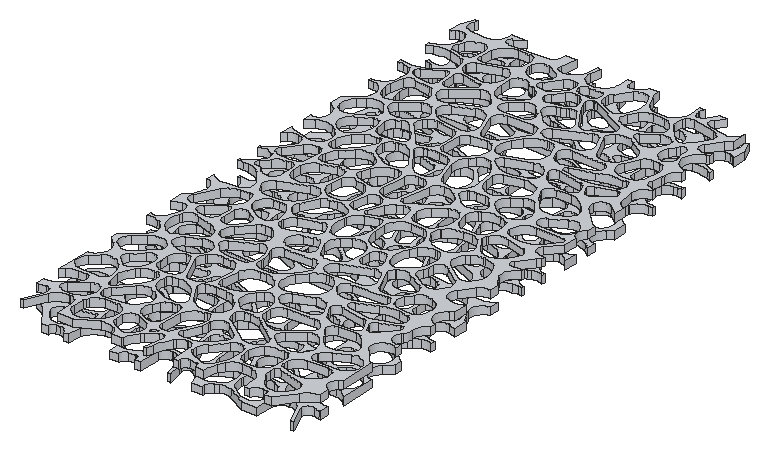
Revit family "Fam4", category Generic Models, Revit 2021 (continued)
Forms (mm)
  Extrusion 1, solid, material <- "Material"
    sketch origin (50371.083, 4143.12, 0) x (1, 0, 0) y (0, 1, 0)
      loop
        arc (-47010.784, 6313.409) -> (-47006.983, 6278.948) -> (-47005.714, 6244.302) r 473.455
        line (-47005.714, 6244.302) -> (-47005.714, 6173.208)
        arc (-47005.714, 6173.208) -> (-46978.099, 6100.32) -> (-46909.119, 6064.028) r 110
      loop
        line (-47100.098, 4919.895) -> (-47955.148, 5282.842)
        arc (-47955.148, 5282.842) -> (-48187.764, 5307.291) -> (-48394.283, 5197.483) r 400
        line (-48394.283, 5197.483) -> (-48413.852, 5177.914)
        arc (-48413.852, 5177.914) -> (-48492.754, 5021.527) -> (-48463.293, 4848.859) r 280
        line (-48463.293, 4848.859) -> (-48309.456, 4558.438)
        arc (-48309.456, 4558.438) -> (-48094.147, 4316.634) -> (-47791.424, 4201.806) r 680
        line (-47791.424, 4201.806) -> (-47428.675, 4157.267)
        arc (-47428.675, 4157.267) -> (-47224.698, 4185.634) -> (-47061.867, 4311.719) r 400
        line (-47061.867, 4311.719) -> (-46970.685, 4431.281)
        arc (-46970.685, 4431.281) -> (-46915.798, 4707.263) -> (-47100.098, 4919.895) r 320
      loop
        line (-46274.578, 5244.403) -> (-46186.596, 5252.101)
        arc (-46186.596, 5252.101) -> (-46070.902, 5334.625) -> (-46086.989, 5475.822) r 140
        line (-46086.989, 5475.822) -> (-46280.214, 5732.239)
        arc (-46280.214, 5732.239) -> (-46429.531, 5864.345) -> (-46618.597, 5927.605) r 500
        line (-46618.597, 5927.605) -> (-46781.34, 5947.587)
        arc (-46781.34, 5947.587) -> (-46938.238, 5898.869) -> (-47005.714, 5749.078) r 200
        line (-47005.714, 5749.078) -> (-47005.714, 5273.43)
        arc (-47005.714, 5273.43) -> (-46801.726, 4989.209) -> (-46467.169, 5091.506) r 300
        line (-46467.169, 5091.506) -> (-46405.557, 5172.294)
        arc (-46405.557, 5172.294) -> (-46347.677, 5222.17) -> (-46274.578, 5244.403) r 185
      loop
        line (-48303.378, 5703.835) -> (-48358.325, 6076.25)
        arc (-48358.325, 6076.25) -> (-48475.56, 6257.401) -> (-48689.208, 6287.645) r 260
        line (-48689.208, 6287.645) -> (-48970.93, 6204.413)
        arc (-48970.93, 6204.413) -> (-49250.612, 5994.095) -> (-49323.908, 5651.921) r 500
        line (-49323.908, 5651.921) -> (-49292.653, 5440.085)
        arc (-49292.653, 5440.085) -> (-49187.954, 5234.997) -> (-48980.382, 5135.315) r 360
        line (-48980.382, 5135.315) -> (-48910.797, 5126.771)
        arc (-48910.797, 5126.771) -> (-48660.232, 5153.106) -> (-48446.57, 5286.617) r 560
        line (-48446.57, 5286.617) -> (-48438.826, 5294.361)
        arc (-48438.826, 5294.361) -> (-48322.522, 5483.028) -> (-48303.378, 5703.835) r 480
      loop
        line (-49742.512, 5942.152) -> (-49860.123, 5894.634)
        arc (-49860.123, 5894.634) -> (-50002.057, 5755.156) -> (-50003.793, 5556.168) r 260
        line (-50003.793, 5556.168) -> (-49828.632, 5122.629)
        arc (-49828.632, 5122.629) -> (-49703.603, 5006.891) -> (-49534.736, 5029.513) r 200
        line (-49534.736, 5029.513) -> (-49480.52, 5064.506)
        arc (-49480.52, 5064.506) -> (-49392.078, 5167.07) -> (-49373.242, 5301.183) r 240
        line (-49373.242, 5301.183) -> (-49442.454, 5770.283)
        arc (-49442.454, 5770.283) -> (-49550.752, 5929.073) -> (-49742.512, 5942.152) r 220
      loop
        line (-49948.503, 5152.372) -> (-50140.147, 5626.707)
        arc (-50140.147, 5626.707) -> (-50228.594, 5769.958) -> (-50359.572, 5875.733) r 500
        line (-50359.572, 5875.733) -> (-50521.317, 5966.244)
        arc (-50521.317, 5966.244) -> (-50734.224, 5976.897) -> (-50871.624, 5813.911) r 240
        line (-50871.624, 5813.911) -> (-50930.174, 5574.906)
        arc (-50930.174, 5574.906) -> (-50922.8, 5426.456) -> (-50835.309, 5306.303) r 260
        line (-50835.309, 5306.303) -> (-50794.702, 5275.334)
        arc (-50794.702, 5275.334) -> (-50696.472, 5212.025) -> (-50589.501, 5164.97) r 740
        line (-50589.501, 5164.97) -> (-50099.259, 4994.104)
        arc (-50099.259, 4994.104) -> (-49972.875, 5024.653) -> (-49948.503, 5152.372) r 120
      loop
        line (-50065.859, 4876.564) -> (-50456.144, 5012.591)
        arc (-50456.144, 5012.591) -> (-50614.718, 4992.728) -> (-50694.99, 4854.538) r 180
        line (-50694.99, 4854.538) -> (-50720.948, 4463.386)
        arc (-50720.948, 4463.386) -> (-50645.798, 4050.673) -> (-50384.352, 3722.611) r 860
        line (-50384.352, 3722.611) -> (-50284.603, 3646.539)
        arc (-50284.603, 3646.539) -> (-50063.178, 3593.982) -> (-49875.859, 3723.222) r 280
        line (-49875.859, 3723.222) -> (-49863.898, 3742.804)
        arc (-49863.898, 3742.804) -> (-49735.732, 4079.963) -> (-49738.222, 4440.651) r 980
        line (-49738.222, 4440.651) -> (-49752.653, 4514.893)
        arc (-49752.653, 4514.893) -> (-49860.983, 4737.532) -> (-50065.859, 4876.564) r 480
      loop
        line (-48360.426, 3991.625) -> (-48327.942, 4044.803)
        arc (-48327.942, 4044.803) -> (-48281.176, 4201.818) -> (-48318.248, 4361.401) r 320
        line (-48318.248, 4361.401) -> (-48590.092, 4874.603)
        arc (-48590.092, 4874.603) -> (-48672.416, 4967.058) -> (-48788.164, 5010.963) r 260
        line (-48788.164, 5010.963) -> (-49047.237, 5042.773)
        arc (-49047.237, 5042.773) -> (-49275.24, 5030.983) -> (-49485.585, 4942.216) r 660
        line (-49485.585, 4942.216) -> (-49524.275, 4917.244)
        arc (-49524.275, 4917.244) -> (-49645.127, 4773.829) -> (-49664.861, 4587.325) r 320
        line (-49664.861, 4587.325) -> (-49652.639, 4524.451)
        arc (-49652.639, 4524.451) -> (-49481.117, 4171.939) -> (-49156.731, 3951.806) r 760
        line (-49156.731, 3951.806) -> (-48809.776, 3830.881)
        arc (-48809.776, 3830.881) -> (-48556.72, 3831.915) -> (-48360.426, 3991.625) r 380
      loop
        line (-51286.142, 5334.303) -> (-51691.872, 5325.96)
        arc (-51691.872, 5325.96) -> (-51825.244, 5291.596) -> (-51929.205, 5201.259) r 300
        line (-51929.205, 5201.259) -> (-52034.317, 5055.2)
        arc (-52034.317, 5055.2) -> (-52154.301, 4707.834) -> (-52063.436, 4351.74) r 640
        line (-52063.436, 4351.74) -> (-51930.865, 4131.106)
        arc (-51930.865, 4131.106) -> (-51839.132, 4000.839) -> (-51729.543, 3885.191) r 1100
        arc (-51729.543, 3885.191) -> (-51351.779, 3756.148) -> (-50999.953, 3944.762) r 500
        arc (-50999.953, 3944.762) -> (-50878.331, 4158.365) -> (-50825.479, 4398.416) r 820
        line (-50825.479, 4398.416) -> (-50797.328, 4822.62)
        arc (-50797.328, 4822.62) -> (-50929.196, 5185.971) -> (-51286.142, 5334.303) r 480
      loop
        line (-52098.984, 4216.742) -> (-52219.082, 4416.619)
        arc (-52219.082, 4416.619) -> (-52404.543, 4589.564) -> (-52653.47, 4637.951) r 460
        line (-52653.47, 4637.951) -> (-52704.592, 4633.478)
        arc (-52704.592, 4633.478) -> (-52962.569, 4499.183) -> (-53050.026, 4221.805) r 380
        line (-53050.026, 4221.805) -> (-53028.053, 3970.646)
        arc (-53028.053, 3970.646) -> (-52932.802, 3678.503) -> (-52718.676, 3458.116) r 680
        line (-52718.676, 3458.116) -> (-52684.223, 3435.941) -> (-52562.452, 3333.763)
        arc (-52562.452, 3333.763) -> (-52315.076, 3268.575) -> (-52107.359, 3417.9) r 300
        line (-52107.359, 3417.9) -> (-52086.048, 3456.267)
        arc (-52086.048, 3456.267) -> (-51990.541, 3838.239) -> (-52098.984, 4216.742) r 760
      loop
        line (-54014.825, 3869.129) -> (-53513.018, 4220.498)
        arc (-53513.018, 4220.498) -> (-53327.066, 4542.576) -> (-53454.264, 4892.051) r 440
        line (-53454.264, 4892.051) -> (-53546.552, 4984.339)
        arc (-53546.552, 4984.339) -> (-53695.787, 5084.055) -> (-53871.821, 5119.07) r 460
        line (-53871.821, 5119.07) -> (-53925.94, 5119.07)
        arc (-53925.94, 5119.07) -> (-54213.306, 5045.778) -> (-54430.466, 4843.807) r 600
        line (-54430.466, 4843.807) -> (-54502.735, 4731.526)
        arc (-54502.735, 4731.526) -> (-54607.679, 4384.494) -> (-54513.488, 4034.39) r 660
        line (-54513.488, 4034.39) -> (-54472.663, 3966.445)
        arc (-54472.663, 3966.445) -> (-54264.901, 3818.25) -> (-54014.825, 3869.129) r 320
      loop
        line (-53112.29, 3786.112) -> (-53124.938, 3930.678)
        arc (-53124.938, 3930.678) -> (-53262.596, 4127.274) -> (-53501.683, 4106.357) r 240
        line (-53501.683, 4106.357) -> (-54027.638, 3738.079)
        arc (-54027.638, 3738.079) -> (-54192.722, 3476.437) -> (-54121.815, 3175.304) r 400
        line (-54121.815, 3175.304) -> (-54071.533, 3106.097)
        arc (-54071.533, 3106.097) -> (-53835.279, 2950.866) -> (-53555.397, 2990.594) r 400
        line (-53555.397, 2990.594) -> (-53173.381, 3200.364)
        arc (-53173.381, 3200.364) -> (-53028.889, 3382.439) -> (-53057.824, 3613.073) r 300
        arc (-53057.824, 3613.073) -> (-53094.511, 3696.617) -> (-53112.29, 3786.112) r 420
      loop
        line (-52947.818, 3210.14) -> (-53517.657, 2897.233)
        arc (-53517.657, 2897.233) -> (-53672.564, 2700.176) -> (-53637.927, 2451.927) r 320
        line (-53637.927, 2451.927) -> (-53474.001, 2179.108)
        arc (-53474.001, 2179.108) -> (-53358.721, 2063.414) -> (-53202.794, 2014.823) r 340
        line (-53202.794, 2014.823) -> (-53055.385, 2006.037)
        arc (-53055.385, 2006.037) -> (-52856.018, 2056.453) -> (-52722.183, 2212.586) r 340
        line (-52722.183, 2212.586) -> (-52433.777, 2892.028)
        arc (-52433.777, 2892.028) -> (-52422.367, 3029.346) -> (-52494.875, 3146.518) r 220
        line (-52494.875, 3146.518) -> (-52520.656, 3168.15)
        arc (-52520.656, 3168.15) -> (-52727.74, 3255.231) -> (-52947.818, 3210.14) r 380
      loop
        line (-53587.649, 2174.09) -> (-53725.829, 2404.061)
        arc (-53725.829, 2404.061) -> (-53937.285, 2570.759) -> (-54206.113, 2555.494) r 380
        line (-54206.113, 2555.494) -> (-54376.895, 2479.457)
        arc (-54376.895, 2479.457) -> (-54567.649, 2301.318) -> (-54607.921, 2043.444) r 400
        line (-54607.921, 2043.444) -> (-54576.543, 1868.442)
        arc (-54576.543, 1868.442) -> (-54435.913, 1642.28) -> (-54178.321, 1574.661) r 360
        line (-54178.321, 1574.661) -> (-53787.165, 1622.688)
        arc (-53787.165, 1622.688) -> (-53673.461, 1665.201) -> (-53591.45, 1754.7) r 260
        line (-53591.45, 1754.7) -> (-53580.668, 1774.151)
        arc (-53580.668, 1774.151) -> (-53530.577, 1975.056) -> (-53587.649, 2174.09) r 400
      loop
        line (-51620.866, 1920.531) -> (-51238.04, 1920.531)
        arc (-51238.04, 1920.531) -> (-50943.721, 2162.422) -> (-51124.024, 2498.02) r 300
        line (-51124.024, 2498.02) -> (-52014.877, 2864.058)
        arc (-52014.877, 2864.058) -> (-52242.882, 2864.069) -> (-52405.044, 2703.788) r 300
        line (-52405.044, 2703.788) -> (-52532.751, 2402.929)
        arc (-52532.751, 2402.929) -> (-52510.172, 2109.295) -> (-52257.23, 1958.462) r 320
        line (-52257.23, 1958.462) -> (-51620.866, 1920.531)
      loop
        line (-51410.216, 3111.646) -> (-51410.216, 3394.739)
        arc (-51410.216, 3394.739) -> (-51448.96, 3536.85) -> (-51554.47, 3639.633) r 280
        line (-51554.47, 3639.633) -> (-51568.368, 3647.336)
        arc (-51568.368, 3647.336) -> (-51765.973, 3669.895) -> (-51921.707, 3546.188) r 260
        line (-51921.707, 3546.188) -> (-52034.79, 3342.608)
        arc (-52034.79, 3342.608) -> (-52055.664, 3097.748) -> (-51886.55, 2919.442) r 300
        line (-51886.55, 2919.442) -> (-51769.03, 2871.155)
        arc (-51769.03, 2871.155) -> (-51525.461, 2895.67) -> (-51410.216, 3111.646) r 260
      loop
        line (-50100.539, 3043.221) -> (-50223.847, 2822.867)
        arc (-50223.847, 2822.867) -> (-50225.153, 2551.762) -> (-49996.163, 2406.63) r 280
        line (-49996.163, 2406.63) -> (-49599.559, 2382.99)
        arc (-49599.559, 2382.99) -> (-49225.134, 2671.731) -> (-49459.657, 3082.297) r 360
        line (-49459.657, 3082.297) -> (-49740.007, 3180.008)
        arc (-49740.007, 3180.008) -> (-49945.161, 3177.211) -> (-50100.539, 3043.221) r 300
      loop
        line (-48548.613, 3317.726) -> (-48548.613, 3392.399)
        arc (-48548.613, 3392.399) -> (-48611.443, 3589.318) -> (-48776.714, 3713.458) r 340
        line (-48776.714, 3713.458) -> (-49408.378, 3933.613)
        arc (-49408.378, 3933.613) -> (-49568.203, 3932.96) -> (-49692.178, 3832.091) r 240
        line (-49692.178, 3832.091) -> (-49768.077, 3707.837)
        arc (-49768.077, 3707.837) -> (-49792.768, 3467.568) -> (-49621.281, 3297.478) r 280
        line (-49621.281, 3297.478) -> (-48920.765, 3053.325)
        arc (-48920.765, 3053.325) -> (-48666.444, 3089.469) -> (-48548.613, 3317.726) r 280
      loop
        line (-52769.509, 1138.548) -> (-53346.566, 1407.634)
        arc (-53346.566, 1407.634) -> (-53639.368, 1497.153) -> (-53945.502, 1502.496) r 1100
        line (-53945.502, 1502.496) -> (-54250.858, 1465.003)
        arc (-54250.858, 1465.003) -> (-54476.948, 1240.878) -> (-54316.57, 965.873) r 260
        line (-54316.57, 965.873) -> (-53917.501, 804.639)
        arc (-53917.501, 804.639) -> (-53614.421, 729.954) -> (-53302.566, 743.41) r 1100
        line (-53302.566, 743.41) -> (-52807.62, 836.284)
        arc (-52807.62, 836.284) -> (-52678.385, 973.524) -> (-52769.509, 1138.548) r 160
      loop
        line (-52197.717, -101.31) -> (-51456.132, -140.175)
        arc (-51456.132, -140.175) -> (-51272.503, -106.141) -> (-51124.339, 7.549) r 400
        line (-51124.339, 7.549) -> (-51083.496, 57.986)
        arc (-51083.496, 57.986) -> (-51033.836, 286.708) -> (-51188.156, 462.677) r 260
        line (-51188.156, 462.677) -> (-51789.265, 705.541)
        arc (-51789.265, 705.541) -> (-52086.799, 712.033) -> (-52313.94, 519.744) r 420
        line (-52313.94, 519.744) -> (-52427.957, 314.053)
        arc (-52427.957, 314.053) -> (-52427.957, 42.559) -> (-52197.717, -101.31) r 280
      loop
        line (-50627.313, 1304.419) -> (-50852.544, 1614.423)
        arc (-50852.544, 1614.423) -> (-51030.058, 1766.034) -> (-51257.053, 1820.531) r 500
        line (-51257.053, 1820.531) -> (-51357.285, 1820.531)
        arc (-51357.285, 1820.531) -> (-51560.3, 1765.182) -> (-51707.132, 1614.454) r 400
        line (-51707.132, 1614.454) -> (-51789.04, 1466.69)
        arc (-51789.04, 1466.69) -> (-51825.772, 1024.637) -> (-51519.033, 704.213) r 540
        line (-51519.033, 704.213) -> (-51016.11, 501.019)
        arc (-51016.11, 501.019) -> (-50816.114, 487.911) -> (-50647.549, 596.335) r 320
        line (-50647.549, 596.335) -> (-50645.798, 598.497)
        arc (-50645.798, 598.497) -> (-50516.742, 948.321) -> (-50627.313, 1304.419) r 580
      loop
        line (-52627.548, 768.328) -> (-53443.919, 615.141)
        arc (-53443.919, 615.141) -> (-53572.152, 560.125) -> (-53664.781, 455.769) r 320
        line (-53664.781, 455.769) -> (-53814.823, 185.087)
        arc (-53814.823, 185.087) -> (-53814.823, 49.34) -> (-53699.703, -22.594) r 140
        line (-53699.703, -22.594) -> (-53030.87, -57.646)
        arc (-53030.87, -57.646) -> (-52794.526, -3.082) -> (-52623.01, 168.434) r 440
        line (-52623.01, 168.434) -> (-52436.92, 504.15)
        arc (-52436.92, 504.15) -> (-52448.385, 696.743) -> (-52627.548, 768.328) r 180
      loop
        line (-52084.927, 1848.014) -> (-53206.466, 1914.864)
        arc (-53206.466, 1914.864) -> (-53357.994, 1880.74) -> (-53468.02, 1771.107) r 280
        line (-53468.02, 1771.107) -> (-53497.382, 1718.137)
        arc (-53497.382, 1718.137) -> (-53505.79, 1630.816) -> (-53447.662, 1565.114) r 110
        line (-53447.662, 1565.114) -> (-52650.485, 1193.384)
        arc (-52650.485, 1193.384) -> (-52240.77, 1168.325) -> (-51924.032, 1429.423) r 560
        line (-51924.032, 1429.423) -> (-51889.298, 1492.085)
        arc (-51889.298, 1492.085) -> (-51888.882, 1724.04) -> (-52084.927, 1848.014) r 240
      loop
        line (-50748.208, 1640.947) -> (-50512.131, 1316.015)
        arc (-50512.131, 1316.015) -> (-50233.447, 1076.182) -> (-49876.92, 986.333) r 800
        line (-49876.92, 986.333) -> (-49766.859, 984.682)
        arc (-49766.859, 984.682) -> (-49526.543, 1088.007) -> (-49443.608, 1336.099) r 320
        line (-49443.608, 1336.099) -> (-49456.232, 1463.909)
        arc (-49456.232, 1463.909) -> (-49450.971, 1613.11) -> (-49406.476, 1755.618) r 560
        line (-49406.476, 1755.618) -> (-49332.018, 1915.295)
        arc (-49332.018, 1915.295) -> (-49342.423, 2120.902) -> (-49518.315, 2227.881) r 220
        line (-49518.315, 2227.881) -> (-50411.801, 2281.139)
        arc (-50411.801, 2281.139) -> (-50573.724, 2250.809) -> (-50702.382, 2147.922) r 340
        line (-50702.382, 2147.922) -> (-50742.939, 2094.743)
        arc (-50742.939, 2094.743) -> (-50820.756, 1868.718) -> (-50748.208, 1640.947) r 380
      loop
        line (-49344.33, 1348.33) -> (-49335.689, 1260.85)
        arc (-49335.689, 1260.85) -> (-49234.455, 1064.356) -> (-49026.105, 990.541) r 300
        line (-49026.105, 990.541) -> (-48589.125, 1006.628)
        arc (-48589.125, 1006.628) -> (-48326.562, 1073.707) -> (-48115.297, 1243.43) r 640
        line (-48115.297, 1243.43) -> (-48061.252, 1310.169)
        arc (-48061.252, 1310.169) -> (-48016.182, 1490.162) -> (-48124.791, 1640.604) r 220
        line (-48124.791, 1640.604) -> (-48833.182, 2037.014)
        arc (-48833.182, 2037.014) -> (-49055.903, 2059.139) -> (-49223.681, 1911.003) r 280
        line (-49223.681, 1911.003) -> (-49262.588, 1827.568)
        arc (-49262.588, 1827.568) -> (-49335.687, 1593.446) -> (-49344.33, 1348.33) r 920
      loop
        line (-48543.602, 908.236) -> (-48766.661, 900.024)
        arc (-48766.661, 900.024) -> (-49124.902, 729.217) -> (-49245.845, 351.217) r 500
        line (-49245.845, 351.217) -> (-49192.128, -192.636)
        arc (-49192.128, -192.636) -> (-49134.692, -355.006) -> (-49008.403, -472.114) r 360
        line (-49008.403, -472.114) -> (-48938.692, -510.755)
        arc (-48938.692, -510.755) -> (-48833.309, -558.111) -> (-48721.501, -587.219) r 690
        line (-48721.501, -587.219) -> (-48654.61, -598.761)
        arc (-48654.61, -598.761) -> (-48534.262, -579.899) -> (-48450.104, -491.826) r 190
        line (-48450.104, -491.826) -> (-48080.3, 301.222)
        arc (-48080.3, 301.222) -> (-48048.228, 487.869) -> (-48115.325, 664.967) r 360
        line (-48115.325, 664.967) -> (-48154.53, 718.929)
        arc (-48154.53, 718.929) -> (-48325.419, 862.183) -> (-48543.602, 908.236) r 460
      loop
        line (-47929.356, -705.714) -> (-47802.848, -705.714)
        arc (-47802.848, -705.714) -> (-47528.613, -596.91) -> (-47403.567, -329.69) r 400
        line (-47403.567, -329.69) -> (-47384.82, -17.475)
        arc (-47384.82, -17.475) -> (-47465.46, 248.303) -> (-47699.727, 397.5) r 400
        line (-47699.727, 397.5) -> (-47701.663, 397.918)
        arc (-47701.663, 397.918) -> (-47872.157, 376.63) -> (-47992.146, 253.649) r 260
        line (-47992.146, 253.649) -> (-48223.907, -243.364)
        arc (-48223.907, -243.364) -> (-48203.459, -555.337) -> (-47929.356, -705.714) r 325
      loop
        line (-49791.143, 885.035) -> (-49987.462, 887.981)
        arc (-49987.462, 887.981) -> (-50250.701, 831.522) -> (-50462.751, 665.64) r 600
        line (-50462.751, 665.64) -> (-50509.81, 607.528)
        arc (-50509.81, 607.528) -> (-50589.544, 362.131) -> (-50484.596, 126.414) r 360
        line (-50484.596, 126.414) -> (-50221.857, -136.325)
        arc (-50221.857, -136.325) -> (-49941.839, -319.724) -> (-49611.862, -375.942) r 820
        line (-49611.862, -375.942) -> (-49552.09, -373.742)
        arc (-49552.09, -373.742) -> (-49365.804, -284.922) -> (-49302.914, -88.362) r 260
        line (-49302.914, -88.362) -> (-49359.874, 488.333)
        arc (-49359.874, 488.333) -> (-49499.865, 768.918) -> (-49791.143, 885.035) r 440
      loop
        line (-51179.776, -382.707) -> (-51179.776, -707.696)
        arc (-51179.776, -707.696) -> (-51125.903, -851.925) -> (-50990.667, -925.516) r 220
        line (-50990.667, -925.516) -> (-50709.473, -965.395)
        arc (-50709.473, -965.395) -> (-50608.905, -956.249) -> (-50523.018, -903.138) r 220
        line (-50523.018, -903.138) -> (-50427.437, -807.557)
        arc (-50427.437, -807.557) -> (-50275.133, -439.862) -> (-50427.437, -72.166) r 520
        line (-50427.437, -72.166) -> (-50572.896, 73.293)
        arc (-50572.896, 73.293) -> (-50770.351, 149.089) -> (-50958.802, 53.068) r 260
        line (-50958.802, 53.068) -> (-51077.264, -93.219)
        arc (-51077.264, -93.219) -> (-51153.391, -229.156) -> (-51179.776, -382.707) r 460
      loop
        line (-51583.029, -233.662) -> (-52453.81, -188.026)
        arc (-52453.81, -188.026) -> (-52675.919, -232.206) -> (-52850.032, -377.014) r 460
        line (-52850.032, -377.014) -> (-52875.301, -411.795)
        arc (-52875.301, -411.795) -> (-52915.435, -569.823) -> (-52835.768, -712.079) r 220
        line (-52835.768, -712.079) -> (-52181.46, -1241.928)
        arc (-52181.46, -1241.928) -> (-51964.328, -1322.032) -> (-51743.302, -1253.401) r 360
        line (-51743.302, -1253.401) -> (-51419.929, -1018.457)
        arc (-51419.929, -1018.457) -> (-51316.834, -897.748) -> (-51279.776, -743.391) r 340
        line (-51279.776, -743.391) -> (-51279.776, -553.223)
        arc (-51279.776, -553.223) -> (-51367.657, -332.95) -> (-51583.029, -233.662) r 320
      loop
        line (-53475.571, -1588.593) -> (-53458.918, -1624.306)
        arc (-53458.918, -1624.306) -> (-53227.725, -1870.356) -> (-52895.592, -1931.008) r 540
        line (-52895.592, -1931.008) -> (-52788.168, -1916.164)
        arc (-52788.168, -1916.164) -> (-52631.98, -1874.603) -> (-52490.576, -1796.328) r 660
        line (-52490.576, -1796.328) -> (-52345.751, -1691.106)
        arc (-52345.751, -1691.106) -> (-52230.427, -1471.911) -> (-52334.122, -1246.981) r 280
        line (-52334.122, -1246.981) -> (-52778.434, -887.184)
        arc (-52778.434, -887.184) -> (-53036.782, -814.322) -> (-53267.468, -951.566) r 340
        line (-53267.468, -951.566) -> (-53436.655, -1184.432)
        arc (-53436.655, -1184.432) -> (-53511.206, -1381.207) -> (-53475.571, -1588.593) r 400
      loop
        line (-53431.688, -1007.465) -> (-53060.464, -496.52)
        arc (-53060.464, -496.52) -> (-53039.879, -272.494) -> (-53226.934, -147.508) r 220
        line (-53226.934, -147.508) -> (-53789.788, -118.01)
        arc (-53789.788, -118.01) -> (-53964.235, -150.342) -> (-54104.991, -258.348) r 380
        line (-54104.991, -258.348) -> (-54378.359, -595.929)
        arc (-54378.359, -595.929) -> (-54430.138, -815.827) -> (-54290.277, -993.239) r 260
        line (-54290.277, -993.239) -> (-53980.539, -1144.309)
        arc (-53980.539, -1144.309) -> (-53681.21, -1175.769) -> (-53431.688, -1007.465) r 440
      loop
        line (-46659.577, 3962.082) -> (-46918.933, 3993.927)
        arc (-46918.933, 3993.927) -> (-47088.291, 3950.573) -> (-47183.309, 3803.83) r 240
        line (-47183.309, 3803.83) -> (-47200.634, 3719.166)
        arc (-47200.634, 3719.166) -> (-47176.307, 3445.322) -> (-47005.695, 3229.745) r 480
        line (-47005.695, 3229.745) -> (-46224.109, 2682.472)
        arc (-46224.109, 2682.472) -> (-45927.562, 2699.195) -> (-45874.367, 2991.41) r 240
        line (-45874.367, 2991.41) -> (-46232.962, 3668.386)
        arc (-46232.962, 3668.386) -> (-46410.275, 3867.519) -> (-46659.577, 3962.082) r 560
      loop
        line (-47676.622, 4086.96) -> (-47859.165, 4109.373)
        arc (-47859.165, 4109.373) -> (-48128.39, 4056.209) -> (-48313.748, 3853.846) r 440
        arc (-48313.748, 3853.846) -> (-48383.66, 3667.493) -> (-48428.624, 3473.603) r 1520
        arc (-48428.624, 3473.603) -> (-48291.263, 3142.367) -> (-47933.475, 3118.443) r 340
        line (-47933.475, 3118.443) -> (-47796.079, 3191.497)
        arc (-47796.079, 3191.497) -> (-47588.343, 3336.973) -> (-47421.995, 3528.403) r 1040
        arc (-47421.995, 3528.403) -> (-47392.926, 3878.971) -> (-47676.622, 4086.96) r 360
      loop
        line (-46454.986, 2722.057) -> (-46971.255, 3083.553)
        arc (-46971.255, 3083.553) -> (-47074.788, 3090.338) -> (-47128.613, 3001.637) r 100
        line (-47128.613, 3001.637) -> (-47128.613, 2607.407)
        arc (-47128.613, 2607.407) -> (-46997.071, 2348.788) -> (-46710.59, 2302.79) r 320
        line (-46710.59, 2302.79) -> (-46508.437, 2367.841)
        arc (-46508.437, 2367.841) -> (-46371.94, 2528.384) -> (-46454.986, 2722.057) r 200
      loop
        line (-47581.286, 3192.448) -> (-47823.559, 3063.629)
        arc (-47823.559, 3063.629) -> (-47967.853, 2865.025) -> (-47900.188, 2629.047) r 280
        line (-47900.188, 2629.047) -> (-47681.831, 2386.537)
        arc (-47681.831, 2386.537) -> (-47395.437, 2317.78) -> (-47228.613, 2560.511) r 260
        line (-47228.613, 2560.511) -> (-47228.613, 2980.54)
        arc (-47228.613, 2980.54) -> (-47345.004, 3186.26) -> (-47581.286, 3192.448) r 240
      loop
        line (-46241.131, 1946.664) -> (-46266.761, 2017.084)
        arc (-46266.761, 2017.084) -> (-46426.777, 2195.052) -> (-46665.486, 2212.254) r 320
        line (-46665.486, 2212.254) -> (-47198.444, 2040.754)
        arc (-47198.444, 2040.754) -> (-47374.508, 1954.393) -> (-47518.606, 1821.38) r 680
        line (-47518.606, 1821.38) -> (-47574.122, 1752.824)
        arc (-47574.122, 1752.824) -> (-47618.563, 1569.685) -> (-47504.939, 1419.338) r 220
        line (-47504.939, 1419.338) -> (-46784.736, 1043.461)
        arc (-46784.736, 1043.461) -> (-46612.736, 1014.924) -> (-46457.195, 1093.698) r 280
        line (-46457.195, 1093.698) -> (-46422.548, 1128.345)
        arc (-46422.548, 1128.345) -> (-46212.58, 1511.066) -> (-46241.131, 1946.664) r 780
      loop
        line (-47113.287, 570.941) -> (-47079.552, 595.451)
        arc (-47079.552, 595.451) -> (-46956.701, 860.232) -> (-47117.083, 1104.114) r 300
        line (-47117.083, 1104.114) -> (-47503.061, 1305.557)
        arc (-47503.061, 1305.557) -> (-47782.701, 1344.461) -> (-48023.789, 1197.532) r 420
        line (-48023.789, 1197.532) -> (-48036.99, 1181.229)
        arc (-48036.99, 1181.229) -> (-48117.094, 964.097) -> (-48048.464, 743.071) r 360
        line (-48048.464, 743.071) -> (-48015.991, 698.376)
        arc (-48015.991, 698.376) -> (-47884.45, 573.355) -> (-47716.95, 503.519) r 500
        line (-47716.95, 503.519) -> (-47576.545, 473.221)
        arc (-47576.545, 473.221) -> (-47334.491, 472.659) -> (-47113.287, 570.941) r 580
      loop
        line (-45954.656, 265.796) -> (-46283.743, 551.866)
        arc (-46283.743, 551.866) -> (-46602.212, 678.922) -> (-46930.542, 580.106) r 520
        line (-46930.542, 580.106) -> (-46969.79, 551.591)
        arc (-46969.79, 551.591) -> (-47084.347, 347.035) -> (-47003.2, 127.077) r 280
        line (-47003.2, 127.077) -> (-46572.957, -303.166)
        arc (-46572.957, -303.166) -> (-46275.972, -426.181) -> (-45978.987, -303.166) r 420
        line (-45978.987, -303.166) -> (-45936.279, -260.458)
        arc (-45936.279, -260.458) -> (-45831.057, 6.664) -> (-45954.656, 265.796) r 360
      loop
        line (-47305.832, -370.406) -> (-47307.85, -404.009)
        arc (-47307.85, -404.009) -> (-47261.034, -710.924) -> (-47092.439, -971.623) r 740
        line (-47092.439, -971.623) -> (-47053.789, -1010.273)
        arc (-47053.789, -1010.273) -> (-46869.942, -1086.425) -> (-46686.094, -1010.273) r 260
        line (-46686.094, -1010.273) -> (-46516.388, -840.567)
        arc (-46516.388, -840.567) -> (-46446.094, -670.862) -> (-46516.388, -501.156) r 240
        line (-46516.388, -501.156) -> (-46828.345, -189.199)
        arc (-46828.345, -189.199) -> (-47125.682, -125.406) -> (-47305.832, -370.406) r 280
      loop
        line (-45755.603, -1261.942) -> (-45993.129, -1024.415)
        arc (-45993.129, -1024.415) -> (-46275.972, -907.258) -> (-46558.815, -1024.415) r 400
        line (-46558.815, -1024.415) -> (-46703.378, -1168.979)
        arc (-46703.378, -1168.979) -> (-46802.542, -1301.561) -> (-46860.207, -1456.759) r 580
        line (-46860.207, -1456.759) -> (-46892.351, -1605.723)
        arc (-46892.351, -1605.723) -> (-46836.524, -1840.658) -> (-46618.651, -1944.784) r 280
        line (-46618.651, -1944.784) -> (-46038.445, -1944.784)
        arc (-46038.445, -1944.784) -> (-45668.893, -1697.858) -> (-45755.603, -1261.942) r 400
      loop
        line (-47119.209, -2465.903) -> (-47126.351, -2489.265)
        arc (-47126.351, -2489.265) -> (-47053.176, -2915.118) -> (-46667.325, -3109.604) r 480
        line (-46667.325, -3109.604) -> (-46399, -3109.604)
        arc (-46399, -3109.604) -> (-46332.744, -3097.677) -> (-46274.806, -3063.394) r 190
        line (-46274.806, -3063.394) -> (-46231.158, -3025.695)
        arc (-46231.158, -3025.695) -> (-46168.816, -2889.758) -> (-46230.725, -2753.624) r 180
        line (-46230.725, -2753.624) -> (-46699.994, -2345.695)
        arc (-46699.994, -2345.695) -> (-46942.235, -2291.991) -> (-47119.209, -2465.903) r 260
      loop
        line (-47139.703, -3573.649) -> (-47139.703, -3223.895)
        arc (-47139.703, -3223.895) -> (-47145.392, -3171.949) -> (-47162.189, -3122.467) r 240
        line (-47162.189, -3122.467) -> (-47197.839, -3046.016)
        arc (-47197.839, -3046.016) -> (-47337.586, -2879.472) -> (-47541.882, -2805.114) r 420
        line (-47541.882, -2805.114) -> (-47934.906, -2770.729)
        arc (-47934.906, -2770.729) -> (-48205.468, -2860.305) -> (-48326.118, -3118.513) r 360
        line (-48326.118, -3118.513) -> (-48328.127, -3185.14)
        arc (-48328.127, -3185.14) -> (-48242.083, -3531.394) -> (-47988.401, -3782.273) r 660
        line (-47988.401, -3782.273) -> (-47733.627, -3923.497)
        arc (-47733.627, -3923.497) -> (-47336.688, -3918.301) -> (-47139.703, -3573.649) r 400
      loop
        line (-47260.564, -2586.224) -> (-47230.174, -2486.823)
        arc (-47230.174, -2486.823) -> (-47224.576, -2344.356) -> (-47289.858, -2217.602) r 280
        line (-47289.858, -2217.602) -> (-47737.066, -1720.928)
        arc (-47737.066, -1720.928) -> (-47950.025, -1597.564) -> (-48194.896, -1622.224) r 400
        line (-48194.896, -1622.224) -> (-48342.063, -1686.726)
        arc (-48342.063, -1686.726) -> (-48572.528, -1940.454) -> (-48537.194, -2281.4) r 420
        line (-48537.194, -2281.4) -> (-48473.283, -2392.097)
        arc (-48473.283, -2392.097) -> (-48295.771, -2577.528) -> (-48052.693, -2660.042) r 540
        line (-48052.693, -2660.042) -> (-47448.386, -2712.912)
        arc (-47448.386, -2712.912) -> (-47332.044, -2682.823) -> (-47260.564, -2586.224) r 180
      loop
        line (-47075.889, -1982.179) -> (-46993.534, -1600.538)
        arc (-46993.534, -1600.538) -> (-47004.48, -1304.457) -> (-47155.77, -1049.713) r 600
        line (-47155.77, -1049.713) -> (-47253.323, -952.161)
        arc (-47253.323, -952.161) -> (-47415.534, -843.775) -> (-47606.876, -805.714) r 500
        line (-47606.876, -805.714) -> (-47669.615, -805.714)
        arc (-47669.615, -805.714) -> (-47868.786, -898.59) -> (-47925.665, -1110.863) r 260
        line (-47925.665, -1110.863) -> (-47906.445, -1219.862)
        arc (-47906.445, -1219.862) -> (-47844.516, -1410.462) -> (-47732.448, -1576.609) r 720
        line (-47732.448, -1576.609) -> (-47268.017, -2092.413)
        arc (-47268.017, -2092.413) -> (-47172.058, -2123.129) -> (-47098.072, -2054.737) r 100
        line (-47098.072, -2054.737) -> (-47075.889, -1982.179)
      loop
        line (-48179.174, -782.276) -> (-48361.018, -750.899)
        arc (-48361.018, -750.899) -> (-48768.51, -802.906) -> (-49076.655, -1074.568) r 700
        line (-49076.655, -1074.568) -> (-49274.675, -1397.237)
        arc (-49274.675, -1397.237) -> (-49287.992, -1623.434) -> (-49107.11, -1759.903) r 240
        line (-49107.11, -1759.903) -> (-48988.109, -1778.464)
        arc (-48988.109, -1778.464) -> (-48852.304, -1780.199) -> (-48721.45, -1743.825) r 480
        line (-48721.45, -1743.825) -> (-48390.93, -1598.961)
        arc (-48390.93, -1598.961) -> (-48112.441, -1341.523) -> (-48052.569, -967.028) r 580
        line (-48052.569, -967.028) -> (-48065.107, -895.927)
        arc (-48065.107, -895.927) -> (-48104.166, -821.061) -> (-48179.174, -782.276) r 140
      loop
        line (-49087.921, -542.372) -> (-49096.486, -537.624)
        arc (-49096.486, -537.624) -> (-49237.765, -482.76) -> (-49388.582, -467.79) r 560
        line (-49388.582, -467.79) -> (-49739.883, -480.723)
        arc (-49739.883, -480.723) -> (-49950.323, -528.655) -> (-50128.667, -650.209) r 580
        line (-50128.667, -650.209) -> (-50338.395, -859.936)
        arc (-50338.395, -859.936) -> (-50445.572, -1307.523) -> (-50095.076, -1605.806) r 440
        line (-50095.076, -1605.806) -> (-50004.555, -1619.925)
        arc (-50004.555, -1619.925) -> (-49626.017, -1566.949) -> (-49340.324, -1313.024) r 660
        line (-49340.324, -1313.024) -> (-49021.772, -793.953)
        arc (-49021.772, -793.953) -> (-49001.103, -654.031) -> (-49087.921, -542.372) r 180
      loop
        line (-49073.31, -2959.129) -> (-48868.788, -2863.759)
        arc (-48868.788, -2863.759) -> (-48635.104, -2597.294) -> (-48673.689, -2244.984) r 440
        line (-48673.689, -2244.984) -> (-48793.026, -2038.285)
        arc (-48793.026, -2038.285) -> (-48895.226, -1927.856) -> (-49035.077, -1872.347) r 340
        line (-49035.077, -1872.347) -> (-49199.756, -1846.661)
        arc (-49199.756, -1846.661) -> (-49397.544, -1905.629) -> (-49476.414, -2096.355) r 240
        line (-49476.414, -2096.355) -> (-49442.834, -2737.096)
        arc (-49442.834, -2737.096) -> (-49317.1, -2946.353) -> (-49073.31, -2959.129) r 260
      loop
        line (-50908.077, -1811.378) -> (-51345.668, -2129.307)
        arc (-51345.668, -2129.307) -> (-51467.689, -2340.653) -> (-51392.276, -2572.751) r 300
        line (-51392.276, -2572.751) -> (-51181.718, -2806.6)
        arc (-51181.718, -2806.6) -> (-50912.853, -3007.371) -> (-50587.622, -3089.969) r 860
        line (-50587.622, -3089.969) -> (-50369.101, -3101.421)
        arc (-50369.101, -3101.421) -> (-50192.826, -3013.534) -> (-50177.372, -2817.172) r 200
        line (-50177.372, -2817.172) -> (-50418.057, -2301.021)
        arc (-50418.057, -2301.021) -> (-50452.001, -2201.025) -> (-50463.498, -2096.052) r 485
        line (-50463.498, -2096.052) -> (-50463.498, -2037.903)
        arc (-50463.498, -2037.903) -> (-50616.38, -1788.421) -> (-50908.077, -1811.378) r 280
      loop
        line (-49534.337, -2901.84) -> (-49570.759, -2206.872)
        arc (-49570.759, -2206.872) -> (-49704.021, -1885.685) -> (-50009.909, -1720.299) r 520
        line (-50009.909, -1720.299) -> (-50086.511, -1708.351)
        arc (-50086.511, -1708.351) -> (-50279.58, -1763.17) -> (-50363.498, -1945.484) r 240
        line (-50363.498, -1945.484) -> (-50363.498, -2027.326)
        arc (-50363.498, -2027.326) -> (-50347.023, -2177.752) -> (-50298.382, -2321.046) r 695
        line (-50298.382, -2321.046) -> (-49969.308, -3026.747)
        arc (-49969.308, -3026.747) -> (-49906.827, -3099.903) -> (-49815.593, -3130.429) r 180
        line (-49815.593, -3130.429) -> (-49765.55, -3133.052)
        arc (-49765.55, -3133.052) -> (-49598.472, -3068.917) -> (-49534.337, -2901.84) r 220
      loop
        line (-49268.58, -3693.595) -> (-49163.305, -3798.869)
        arc (-49163.305, -3798.869) -> (-49024.926, -3867.111) -> (-48873.6, -3837.01) r 240
        line (-48873.6, -3837.01) -> (-48546.485, -3648.15)
        arc (-48546.485, -3648.15) -> (-48467.638, -3570.483) -> (-48436.585, -3464.253) r 220
        line (-48436.585, -3464.253) -> (-48428.153, -3184.522)
        arc (-48428.153, -3184.522) -> (-48545.05, -2959.537) -> (-48797.916, -2941.049) r 260
        line (-48797.916, -2941.049) -> (-49166.164, -3112.766)
        arc (-49166.164, -3112.766) -> (-49368.552, -3376.523) -> (-49268.58, -3693.595) r 360
      loop
        line (-49707.146, -3308.819) -> (-49599.998, -3394.767)
        arc (-49599.998, -3394.767) -> (-49547.082, -3400.843) -> (-49518.712, -3355.764) r 50
        line (-49518.712, -3355.764) -> (-49518.712, -3336.277)
        arc (-49518.712, -3336.277) -> (-49544.802, -3270.883) -> (-49608.74, -3241.407) r 95
        line (-49608.74, -3241.407) -> (-49680.025, -3237.671)
        arc (-49680.025, -3237.671) -> (-49719.494, -3263.369) -> (-49707.146, -3308.819) r 40
      loop
        line (-51145.084, -2996.733) -> (-51544.135, -2553.542)
        arc (-51544.135, -2553.542) -> (-51880.827, -2463.326) -> (-52100.189, -2734.215) r 320
        line (-52100.189, -2734.215) -> (-52111.152, -2838.528)
        arc (-52111.152, -2838.528) -> (-52100.775, -3178.193) -> (-52000.003, -3502.732) r 1260
        line (-52000.003, -3502.732) -> (-51900.238, -3716.679)
        arc (-51900.238, -3716.679) -> (-51764.809, -3840.777) -> (-51581.295, -3832.765) r 240
        line (-51581.295, -3832.765) -> (-51132.133, -3623.317)
        arc (-51132.133, -3623.317) -> (-51047.978, -3549.515) -> (-51016.657, -3442.055) r 200
        line (-51016.657, -3442.055) -> (-51016.657, -3331.299)
        arc (-51016.657, -3331.299) -> (-51049.866, -3152.115) -> (-51145.084, -2996.733) r 500
      loop
        line (-51615.878, -2202.018) -> (-50821.909, -1625.166)
        arc (-50821.909, -1625.166) -> (-50730.429, -1525.396) -> (-50685.124, -1397.841) r 340
        line (-50685.124, -1397.841) -> (-50664.8, -1254.532)
        arc (-50664.8, -1254.532) -> (-50699.127, -1121.111) -> (-50817.743, -1051.041) r 180
        line (-50817.743, -1051.041) -> (-50976.313, -1028.553)
        arc (-50976.313, -1028.553) -> (-51205.349, -1040.34) -> (-51413.232, -1137.198) r 600
        line (-51413.232, -1137.198) -> (-52204.923, -1712.395)
        arc (-52204.923, -1712.395) -> (-52328.502, -1947.943) -> (-52216.3, -2189.117) r 300
        line (-52216.3, -2189.117) -> (-52192.158, -2208.483)
        arc (-52192.158, -2208.483) -> (-52085.327, -2266.007) -> (-51965.012, -2281.705) r 335
        line (-51965.012, -2281.705) -> (-51819.348, -2274.071)
        arc (-51819.348, -2274.071) -> (-51712.389, -2252.795) -> (-51615.878, -2202.018) r 380
      loop
        line (-52374.479, -2190.433) -> (-52377.7, -2187.849)
        arc (-52377.7, -2187.849) -> (-52636.608, -2055.452) -> (-52926.771, -2036.267) r 720
        line (-52926.771, -2036.267) -> (-53031.287, -2050.71)
        arc (-53031.287, -2050.71) -> (-53196.128, -2142.651) -> (-53255.34, -2321.87) r 260
        line (-53255.34, -2321.87) -> (-53232.241, -2762.622)
        arc (-53232.241, -2762.622) -> (-53085.956, -3067.749) -> (-52766.313, -3178.793) r 440
        line (-52766.313, -3178.793) -> (-52565.505, -3166.663)
        arc (-52565.505, -3166.663) -> (-52325.746, -3061.952) -> (-52210.5, -2827.075) r 380
        line (-52210.5, -2827.075) -> (-52190.072, -2632.725)
        arc (-52190.072, -2632.725) -> (-52225.839, -2388.048) -> (-52374.479, -2190.433) r 500
      loop
        line (-53614.663, -3700.332) -> (-53385.713, -3360.899)
        arc (-53385.713, -3360.899) -> (-53329.184, -3238.278) -> (-53314.484, -3104.057) r 420
        line (-53314.484, -3104.057) -> (-53322.164, -2957.521)
        arc (-53322.164, -2957.521) -> (-53373.009, -2865.616) -> (-53476.708, -2848.93) r 120
        line (-53476.708, -2848.93) -> (-54318.215, -3103.192)
        arc (-54318.215, -3103.192) -> (-54489.443, -3269.176) -> (-54453.358, -3504.903) r 260
        line (-54453.358, -3504.903) -> (-54302.646, -3712.34)
        arc (-54302.646, -3712.34) -> (-53955.529, -3885.407) -> (-53614.663, -3700.332) r 420
      loop
        line (-53709.432, -2069.825) -> (-54389.114, -2034.204)
        arc (-54389.114, -2034.204) -> (-54678.879, -2211.772) -> (-54616.947, -2545.925) r 300
        line (-54616.947, -2545.925) -> (-54496.203, -2666.669)
        arc (-54496.203, -2666.669) -> (-54171.687, -2850.623) -> (-53798.764, -2841.775) r 700
        line (-53798.764, -2841.775) -> (-53485.649, -2747.167)
        arc (-53485.649, -2747.167) -> (-53379.854, -2670.699) -> (-53343.77, -2545.248) r 200
        line (-53343.77, -2545.248) -> (-53349.841, -2429.416)
        arc (-53349.841, -2429.416) -> (-53460.619, -2180.603) -> (-53709.432, -2069.825) r 380
      loop
        line (-50701.692, 13178.367) -> (-50750.811, 13057.665)
        arc (-50750.811, 13057.665) -> (-50757.398, 12925.717) -> (-50680.278, 12818.449) r 200
        line (-50680.278, 12818.449) -> (-50608.069, 12767.887)
        arc (-50608.069, 12767.887) -> (-50519.656, 12717.475) -> (-50423.468, 12684.217) r 550
        line (-50423.468, 12684.217) -> (-50046.73, 12591.925)
        arc (-50046.73, 12591.925) -> (-49877.343, 12619.324) -> (-49779.154, 12760.042) r 220
        line (-49779.154, 12760.042) -> (-49773.241, 12787.971)
        arc (-49773.241, 12787.971) -> (-49774.764, 12894.1) -> (-49821.912, 12989.194) r 240
        line (-49821.912, 12989.194) -> (-50072.809, 13297.402)
        arc (-50072.809, 13297.402) -> (-50205.116, 13390.726) -> (-50366.651, 13401.702) r 300
        line (-50366.651, 13401.702) -> (-50456.113, 13383.064)
        arc (-50456.113, 13383.064) -> (-50604.463, 13311.381) -> (-50701.692, 13178.367) r 340
      loop
        line (-54611.283, 690.383) -> (-54184.569, 216.47)
        arc (-54184.569, 216.47) -> (-54030.427, 158.07) -> (-53893.372, 249.648) r 180
        line (-53893.372, 249.648) -> (-53804.881, 409.289)
        arc (-53804.881, 409.289) -> (-53791.276, 573.012) -> (-53904.883, 691.688) r 200
        line (-53904.883, 691.688) -> (-54454.798, 913.867)
        arc (-54454.798, 913.867) -> (-54621.924, 864.362) -> (-54611.283, 690.383) r 140
      loop
        line (-54557.074, 7312.761) -> (-54020.202, 7312.761)
        arc (-54020.202, 7312.761) -> (-53768.615, 7507.155) -> (-53893.235, 7799.652) r 260
        line (-53893.235, 7799.652) -> (-54361.741, 8061.824)
        arc (-54361.741, 8061.824) -> (-54944.131, 7813.694) -> (-54557.074, 7312.761) r 400
      loop
        line (-53501.085, 6653.379) -> (-53497.646, 6672.883)
        arc (-53497.646, 6672.883) -> (-53598.277, 7048.444) -> (-53950.657, 7212.761) r 460
        line (-53950.657, 7212.761) -> (-54878.017, 7212.761)
        arc (-54878.017, 7212.761) -> (-55004.9, 7131.928) -> (-54985.263, 6982.771) r 140
        line (-54985.263, 6982.771) -> (-54678.786, 6617.526)
        arc (-54678.786, 6617.526) -> (-54349.727, 6395.573) -> (-53953.051, 6381.72) r 720
        line (-53953.051, 6381.72) -> (-53694.235, 6446.25)
        arc (-53694.235, 6446.25) -> (-53566.983, 6521.208) -> (-53501.085, 6653.379) r 260
      loop
        line (-54638.868, -1926.555) -> (-53939.189, -1963.223)
        arc (-53939.189, -1963.223) -> (-53710.032, -1848.97) -> (-53689.942, -1593.699) r 260
        line (-53689.942, -1593.699) -> (-53693.348, -1586.393)
        arc (-53693.348, -1586.393) -> (-53801.46, -1430.55) -> (-53955.393, -1319.735) r 560
        line (-53955.393, -1319.735) -> (-54422.957, -1091.688)
        arc (-54422.957, -1091.688) -> (-55041.825, -1376.991) -> (-54638.868, -1926.555) r 440
      loop
        line (-54037.619, 12629.774) -> (-54152.481, 12826.965)
        arc (-54152.481, 12826.965) -> (-54179.349, 12869.992) -> (-54208.809, 12911.286) r 825
        arc (-54208.809, 12911.286) -> (-54419.067, 12960.922) -> (-54508.255, 12764.154) r 170
        arc (-54508.255, 12764.154) -> (-54496.789, 12663.467) -> (-54515.508, 12563.873) r 340
        line (-54515.508, 12563.873) -> (-54569.943, 12407.69)
        arc (-54569.943, 12407.69) -> (-54459.032, 12081.357) -> (-54115.548, 12109.863) r 280
        arc (-54115.548, 12109.863) -> (-53985.179, 12356.118) -> (-54037.619, 12629.774) r 420
    from 0 to 250
  Extrusion 2, solid, material <- "Material"
    sketch origin (-50371.083, 4143.12, 500) x (-1, 0, 0) y (0, -1, 0)
      loop
        arc (-48772.615, -2748.61) -> (-48679.69, -2830.103) -> (-48559.636, -2859.48) r 260
        line (-48559.636, -2859.48) -> (-48375.803, -2859.48)
        arc (-48375.803, -2859.48) -> (-48253.782, -2833.544) -> (-48152.859, -2760.22) r 300
        line (-48152.859, -2760.22) -> (-47760.721, -2324.705)
        arc (-47760.721, -2324.705) -> (-47653.935, -2128.31) -> (-47647.682, -1904.848) r 480
        arc (-47647.682, -1904.848) -> (-47805.797, -1707.524) -> (-48058.435, -1718.064) r 280
        line (-48058.435, -1718.064) -> (-48800.43, -2133.279)
        arc (-48800.43, -2133.279) -> (-48946.377, -2328.18) -> (-48899.676, -2567.149) r 300
        line (-48899.676, -2567.149) -> (-48772.615, -2748.61)
      loop
        line (-50226.587, -3022.749) -> (-50445.399, -2631.728)
        arc (-50445.399, -2631.728) -> (-50619.328, -2485.824) -> (-50846.267, -2492.006) r 320
        line (-50846.267, -2492.006) -> (-51062.238, -2580.745)
        arc (-51062.238, -2580.745) -> (-51242.488, -2728.03) -> (-51310.216, -2950.731) r 400
        line (-51310.216, -2950.731) -> (-51310.216, -3323.635)
        arc (-51310.216, -3323.635) -> (-51258.241, -3536.039) -> (-51114.062, -3700.445) r 460
        line (-51114.062, -3700.445) -> (-51031.984, -3757.916)
        arc (-51031.984, -3757.916) -> (-50806.297, -3826.559) -> (-50583.588, -3748.794) r 380
        line (-50583.588, -3748.794) -> (-50338.409, -3561.811)
        arc (-50338.409, -3561.811) -> (-50181.858, -3313.156) -> (-50226.587, -3022.749) r 420
      loop
        arc (-47984.157, -13434.264) -> (-48262.528, -13647.581) -> (-48359.437, -13984.632) r 560
        line (-48359.437, -13984.632) -> (-48357.913, -14024.18)
        arc (-48357.913, -14024.18) -> (-48260.945, -14233.688) -> (-48043.878, -14312.288) r 300
        line (-48043.878, -14312.288) -> (-47676.271, -14294.798)
        arc (-47676.271, -14294.798) -> (-47332.887, -14149.622) -> (-47165.406, -13816.546) r 540
        line (-47165.406, -13816.546) -> (-47122.219, -13437.552)
        arc (-47122.219, -13437.552) -> (-47196.04, -13258.697) -> (-47386.756, -13226.05) r 200
        line (-47386.756, -13226.05) -> (-47984.157, -13434.264)
      loop
        arc (-47255.106, -13074.266) -> (-47139.238, -12980.334) -> (-47109.915, -12834.086) r 220
        line (-47109.915, -12834.086) -> (-47115.81, -12794.541)
        arc (-47115.81, -12794.541) -> (-47229.877, -12569.398) -> (-47456.041, -12457.37) r 400
        line (-47456.041, -12457.37) -> (-47902.646, -12394.916)
        arc (-47902.646, -12394.916) -> (-48258.703, -12504.326) -> (-48403.257, -12847.621) r 440
        line (-48403.257, -12847.621) -> (-48397.118, -13006.916)
        arc (-48397.118, -13006.916) -> (-48248.914, -13274.733) -> (-47945.471, -13314.881) r 340
        line (-47945.471, -13314.881) -> (-47255.106, -13074.266)
      loop
        arc (-47053.742, -13719.867) -> (-46989.39, -13922.431) -> (-46795.414, -14009.304) r 260
        line (-46795.414, -14009.304) -> (-46786.423, -14009.304)
        arc (-46786.423, -14009.304) -> (-46521.464, -13933.328) -> (-46337.026, -13728.489) r 500
        line (-46337.026, -13728.489) -> (-46256.797, -13563.994)
        arc (-46256.797, -13563.994) -> (-46257.088, -13352.981) -> (-46423.906, -13223.758) r 240
        line (-46423.906, -13223.758) -> (-46726.702, -13161.143)
        arc (-46726.702, -13161.143) -> (-46916.059, -13201.78) -> (-47013.76, -13368.998) r 240
        line (-47013.76, -13368.998) -> (-47053.742, -13719.867)
      loop
        line (-45750.46, -14091.563) -> (-45846.358, -14128.435)
        arc (-45846.358, -14128.435) -> (-45929.745, -14145.293) -> (-46014.037, -14133.782) r 255
        arc (-46014.037, -14133.782) -> (-46212.337, -13955.019) -> (-46206.072, -13688.111) r 320
        line (-46206.072, -13688.111) -> (-46113.447, -13498.201)
        arc (-46113.447, -13498.201) -> (-45981.976, -13324.971) -> (-45794.427, -13214.887) r 560
        line (-45794.427, -13214.887) -> (-45621.083, -13154.471) -> (-45621.083, -13048.571) -> (-45790.644, -13107.669)
        arc (-45790.644, -13107.669) -> (-46054.08, -13161.22) -> (-46322.263, -13142.66) r 1000
        line (-46322.263, -13142.66) -> (-46737.075, -13056.882)
        arc (-46737.075, -13056.882) -> (-46925.751, -12951.681) -> (-47020.239, -12757.418) r 360
        line (-47020.239, -12757.418) -> (-47027.642, -12707.755)
        arc (-47027.642, -12707.755) -> (-46998.051, -12510.863) -> (-46863.287, -12364.3) r 340
        line (-46863.287, -12364.3) -> (-46369.771, -12075.032)
        arc (-46369.771, -12075.032) -> (-46112.265, -11976.541) -> (-45836.74, -11966.726) r 840
        line (-45836.74, -11966.726) -> (-45621.083, -11994.755) -> (-45621.083, -11857.07)
        arc (-45621.083, -11857.07) -> (-45703.204, -11873.916) -> (-45787.02, -11872.347) r 380
        line (-45787.02, -11872.347) -> (-45930.142, -11853.746)
        arc (-45930.142, -11853.746) -> (-46071.286, -11796.391) -> (-46166.056, -11677.103) r 300
        line (-46166.056, -11677.103) -> (-46171.016, -11665.834)
        arc (-46171.016, -11665.834) -> (-46218.53, -11487.221) -> (-46209.426, -11302.621) r 600
        line (-46209.426, -11302.621) -> (-46164.152, -11083.683)
        arc (-46164.152, -11083.683) -> (-46011.113, -10831.607) -> (-45733.269, -10732.785) r 440
        line (-45733.269, -10732.785) -> (-45621.083, -10732.785) -> (-45621.083, -10632.785) -> (-45782.293, -10632.785)
        arc (-45782.293, -10632.785) -> (-46033.152, -10549.638) -> (-46184.686, -10333.117) r 420
        line (-46184.686, -10333.117) -> (-46193.742, -10302.834)
        arc (-46193.742, -10302.834) -> (-46195.917, -10046.755) -> (-46060.826, -9829.196) r 460
        line (-46060.826, -9829.196) -> (-45727.896, -9529.424)
        arc (-45727.896, -9529.424) -> (-45678.129, -9495.673) -> (-45621.083, -9476.657) r 220
        line (-45621.083, -9476.657) -> (-45621.083, -9057.603) -> (-45808.518, -8916.361)
        arc (-45808.518, -8916.361) -> (-45966.542, -8698.981) -> (-45976.136, -8430.405) r 460
        arc (-45976.136, -8430.405) -> (-45841.93, -8251.282) -> (-45621.083, -8214.911) r 300
        line (-45621.083, -8214.911) -> (-45621.083, -7921.743) -> (-45855.214, -8091.849)
        arc (-45855.214, -8091.849) -> (-46136.531, -8187.182) -> (-46422.286, -8106.116) r 500
        line (-46422.286, -8106.116) -> (-46601.606, -7989.14)
        arc (-46601.606, -7989.14) -> (-46761.421, -7815.718) -> (-46819.354, -7587.115) r 480
        line (-46819.354, -7587.115) -> (-46819.354, -7559.713)
        arc (-46819.354, -7559.713) -> (-46666.826, -7255.317) -> (-46331.687, -7195.285) r 380
        line (-46331.687, -7195.285) -> (-45699.611, -7382.026)
        arc (-45699.611, -7382.026) -> (-45659.036, -7397.279) -> (-45621.083, -7418.219) r 300
        line (-45621.083, -7418.219) -> (-45621.083, -6989.063) -> (-45712.892, -7098.476)
        arc (-45712.892, -7098.476) -> (-45846.594, -7186.586) -> (-46006.718, -7187.021) r 280
        line (-46006.718, -7187.021) -> (-46149.762, -7144.76)
        arc (-46149.762, -7144.76) -> (-46309.663, -6989.835) -> (-46273.435, -6770.159) r 240
        line (-46273.435, -6770.159) -> (-45890.466, -6261.942)
        arc (-45890.466, -6261.942) -> (-45771.642, -6158.515) -> (-45621.083, -6112.165) r 380
        line (-45621.083, -6112.165) -> (-45621.083, -6017.819)
        arc (-45621.083, -6017.819) -> (-45811.072, -6076.563) -> (-46007.519, -6045.662) r 440
        line (-46007.519, -6045.662) -> (-46108.303, -6004.943)
        arc (-46108.303, -6004.943) -> (-46202.546, -5899.351) -> (-46176.147, -5760.303) r 160
        line (-46176.147, -5760.303) -> (-45936.052, -5441.686)
        arc (-45936.052, -5441.686) -> (-45796.912, -5315.619) -> (-45621.083, -5249.76) r 500
        line (-45621.083, -5249.76) -> (-45621.083, -5172.729)
        arc (-45621.083, -5172.729) -> (-45699.061, -5187.198) -> (-45778.369, -5187.434) r 440
        line (-45778.369, -5187.434) -> (-45951.195, -5172.314)
        arc (-45951.195, -5172.314) -> (-46267.297, -5076.17) -> (-46517.59, -4860.489) r 800
        line (-46517.59, -4860.489) -> (-46747.627, -4558.858)
        arc (-46747.627, -4558.858) -> (-46788.1, -4240.622) -> (-46532.177, -4047.19) r 320
        line (-46532.177, -4047.19) -> (-46155.451, -4000.934)
        arc (-46155.451, -4000.934) -> (-45870.348, -4026.634) -> (-45621.083, -4167.387) r 680
        line (-45621.083, -4167.387) -> (-45621.083, -3874.863)
        arc (-45621.083, -3874.863) -> (-45922.597, -3661.003) -> (-45920.085, -3291.354) r 400
        line (-45920.085, -3291.354) -> (-45768.183, -3004.585)
        arc (-45768.183, -3004.585) -> (-45704.65, -2913.348) -> (-45621.083, -2840.018) r 460
        line (-45621.083, -2840.018) -> (-45621.083, -2375.429)
        arc (-45621.083, -2375.429) -> (-45763.301, -2433.483) -> (-45912.555, -2469.804) r 1032.894
        arc (-45912.555, -2469.804) -> (-46155.102, -2379.406) -> (-46199.396, -2124.38) r 260
        line (-46199.396, -2124.38) -> (-46059.711, -1740.599)
        arc (-46059.711, -1740.599) -> (-45960.297, -1597.725) -> (-45803.205, -1522.771) r 340
        arc (-45803.205, -1522.771) -> (-45711.857, -1515.577) -> (-45621.083, -1528.083) r 426.028
        line (-45621.083, -1528.083) -> (-45621.083, -1368.807)
        arc (-45621.083, -1368.807) -> (-45788.706, -1407.552) -> (-45958.373, -1379.058) r 440
        arc (-45958.373, -1379.058) -> (-46067.414, -1323.845) -> (-46162.464, -1247.007) r 580
        line (-46162.464, -1247.007) -> (-46246.875, -1162.597)
        arc (-46246.875, -1162.597) -> (-46352.097, -895.475) -> (-46228.497, -636.343) r 360
        line (-46228.497, -636.343) -> (-45673.826, -154.175)
        arc (-45673.826, -154.175) -> (-45648.441, -134.395) -> (-45621.083, -117.448) r 300
        line (-45621.083, -117.448) -> (-45621.083, 88.228)
        arc (-45621.083, 88.228) -> (-45631.561, 97.548) -> (-45641.668, 107.268) r 360
        line (-45641.668, 107.268) -> (-45879.992, 345.593)
        arc (-45879.992, 345.593) -> (-46014.723, 670.862) -> (-45879.992, 996.131) r 460
        line (-45879.992, 996.131) -> (-45855.396, 1020.727)
        arc (-45855.396, 1020.727) -> (-45747.516, 1087.841) -> (-45621.083, 1100.371) r 280
        line (-45621.083, 1100.371) -> (-45621.083, 2289.624) -> (-45731.192, 2179.515)
        arc (-45731.192, 2179.515) -> (-45880.427, 2079.8) -> (-46056.461, 2044.784) r 460
        line (-46056.461, 2044.784) -> (-46305.31, 2044.784)
        arc (-46305.31, 2044.784) -> (-46511.378, 2187.739) -> (-46449.643, 2430.82) r 220
        line (-46449.643, 2430.82) -> (-45946.542, 2868.159)
        arc (-45946.542, 2868.159) -> (-45791.726, 2941.869) -> (-45621.083, 2925.073) r 320
        line (-45621.083, 2925.073) -> (-45621.083, 3246.927)
        arc (-45621.083, 3246.927) -> (-45643.816, 3242.305) -> (-45666.674, 3238.345) r 800
        line (-45666.674, 3238.345) -> (-45890.253, 3202.933)
        arc (-45890.253, 3202.933) -> (-46081.267, 3280.108) -> (-46102.802, 3484.994) r 200
        line (-46102.802, 3484.994) -> (-45797.577, 4139.552) -> (-45907.914, 4139.552) -> (-46206.938, 3498.294)
        arc (-46206.938, 3498.294) -> (-46391.442, 3287.908) -> (-46660.092, 3209.604) r 500
        line (-46660.092, 3209.604) -> (-46699.703, 3209.604)
        arc (-46699.703, 3209.604) -> (-46940.119, 3309.187) -> (-47039.703, 3549.604) r 340
        line (-47039.703, 3549.604) -> (-47039.703, 4139.552) -> (-47550.119, 4139.552) -> (-48192.706, 3783.36)
        arc (-48192.706, 3783.36) -> (-48390.121, 3733.223) -> (-48586.63, 3786.798) r 400
        line (-48586.63, 3786.798) -> (-48704.274, 3854.72)
        arc (-48704.274, 3854.72) -> (-48806.762, 3957.207) -> (-48844.274, 4097.207) r 280
        line (-48844.274, 4097.207) -> (-48844.274, 4139.552) -> (-49202.851, 4139.552) -> (-49209.51, 4099.945)
        arc (-49209.51, 4099.945) -> (-49285.905, 3870.407) -> (-49428.565, 3675.031) r 785
        line (-49428.565, 3675.031) -> (-49502.132, 3601.463) -> (-49808.243, 3355.922)
        arc (-49808.243, 3355.922) -> (-50016.216, 3362.551) -> (-50041.77, 3569.054) r 160
        arc (-50041.77, 3569.054) -> (-50023.651, 3603.439) -> (-50012.711, 3640.735) r 195
        line (-50012.711, 3640.735) -> (-49919.111, 4139.552) -> (-50020.857, 4139.552) -> (-50058.334, 3939.824)
        arc (-50058.334, 3939.824) -> (-50146.048, 3652.4) -> (-50294.743, 3391.255) r 1360
        line (-50294.743, 3391.255) -> (-50339.755, 3329.3)
        arc (-50339.755, 3329.3) -> (-50452.587, 3230.35) -> (-50597.026, 3189.613) r 340
        line (-50597.026, 3189.613) -> (-50643.049, 3187.201)
        arc (-50643.049, 3187.201) -> (-50835.629, 3258.248) -> (-50916.657, 3446.845) r 260
        line (-50916.657, 3446.845) -> (-50916.657, 4139.552) -> (-51105.452, 4139.552) -> (-51105.452, 4100.984)
        arc (-51105.452, 4100.984) -> (-51165.595, 3966.693) -> (-51305.832, 3922.142) r 180
        line (-51305.832, 3922.142) -> (-51502.758, 3944.582)
        arc (-51502.758, 3944.582) -> (-51621.91, 4009.709) -> (-51661.655, 4139.552) r 180
        line (-51661.655, 4139.552) -> (-51936.021, 4139.552)
        arc (-51936.021, 4139.552) -> (-51949.459, 3914.538) -> (-52018.39, 3699.921) r 900
        line (-52018.39, 3699.921) -> (-52114.786, 3493.2)
        arc (-52114.786, 3493.2) -> (-52272.662, 3318.562) -> (-52501.427, 3262.975) r 400
        line (-52501.427, 3262.975) -> (-52808.644, 3281.533)
        arc (-52808.644, 3281.533) -> (-53124.116, 3419.311) -> (-53275.757, 3728.359) r 500
        line (-53275.757, 3728.359) -> (-53318.975, 4139.552) -> (-53474.575, 4139.552)
        arc (-53474.575, 4139.552) -> (-53592.304, 4015.534) -> (-53757.085, 3969.846) r 320
        line (-53757.085, 3969.846) -> (-53880.044, 3969.846)
        arc (-53880.044, 3969.846) -> (-53980.951, 4024.903) -> (-53989.265, 4139.552) r 120
        line (-53989.265, 4139.552) -> (-54222.279, 4139.552) -> (-54644.608, 3558.267)
        arc (-54644.608, 3558.267) -> (-54854.221, 3358.79) -> (-55121.083, 3246.927) r 800
        line (-55121.083, 3246.927) -> (-55121.083, 2925.073)
        arc (-55121.083, 2925.073) -> (-54923.503, 2692.742) -> (-55010.329, 2400.378) r 320
        line (-55010.329, 2400.378) -> (-55121.083, 2289.624) -> (-55121.083, 1100.371)
        arc (-55121.083, 1100.371) -> (-55020.691, 1067.091) -> (-54939.805, 998.947) r 280
        line (-54939.805, 998.947) -> (-54607.337, 588.382)
        arc (-54607.337, 588.382) -> (-54635.986, 103.878) -> (-55121.083, 88.228) r 360
        line (-55121.083, 88.228) -> (-55121.083, -117.448)
        arc (-55121.083, -117.448) -> (-54741.741, -194.445) -> (-54754.065, -581.327) r 300
        line (-54754.065, -581.327) -> (-54797.826, -629.928)
        arc (-54797.826, -629.928) -> (-54863.744, -749.679) -> (-54869.69, -886.244) r 300
        arc (-54869.69, -886.244) -> (-54911.851, -1171.043) -> (-55121.083, -1368.807) r 440
        line (-55121.083, -1368.807) -> (-55121.083, -1528.083)
        arc (-55121.083, -1528.083) -> (-54806.106, -1859.99) -> (-54973.52, -2285.836) r 426.028
        arc (-54973.52, -2285.836) -> (-55045.427, -2333.721) -> (-55121.083, -2375.429) r 1032.894
        line (-55121.083, -2375.429) -> (-55121.083, -2840.018)
        arc (-55121.083, -2840.018) -> (-54997.431, -2780.39) -> (-54861.689, -2759.906) r 460
        line (-54861.689, -2759.906) -> (-54717.318, -2759.906)
